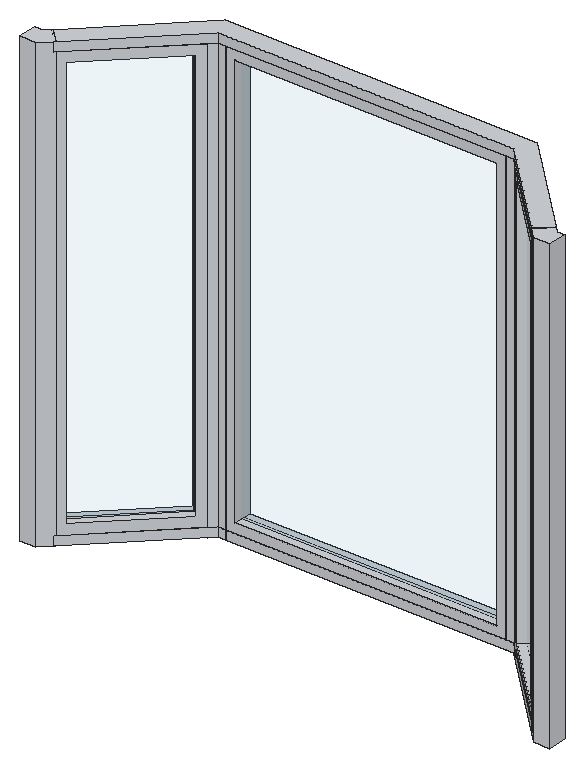
Revit family "W1_鋁窗1", category 窗, Revit 2014
Parameters (values of type "(50+100+50) x 145 cm 2")
  熱阻 (R) = 0.271106 (m²·K)/W
  Visual Light Transmittance = 0.9
  Solar Heat Gain Coefficient = 0.78
  營造類型 Id = "GSP4R"
  Height = 145 cm
  傳熱係數 (U) = 3.6886 W/(m²·K)
  預設窗台高度 = 105 cm
  關鍵註記 = "固定窗-矩形"
  Rough Height = Height  # 145 cm
  Rough Width = Width  # 100 cm
  玻璃材質 = 玻璃
  牆封閉 = 依主體
  Width = 100 cm
  裝飾外框材料 = none
  裝飾外框寬度 = 3 cm
  裝飾外框厚度 = 6 cm
  解析營造 = "1/8 英吋 Pilkington 單層鑲嵌玻璃"
Reference planes (cm)
  plane 1: y = 0
  plane 2 "中心 (左/右)": x = 0
  plane 3 "左": x = -50
  plane 4 "右": x = 50
  plane 5 "窗台": z = 105
  plane 6 "標頭": z = 250
  plane 7 "外部": y = 7.5
  plane 8 "內部": y = -7.5
  plane 9: x = 85
  plane 10: x = -85
  plane 11: through (54.5944, -4.5858, 100) normal (-0.7071, -0.7071, 0)
  plane 12: through (50.0086, 0, 100) normal (0.9239, -0.3827, 0)
  plane 13: through (-54.5944, -4.5858, 100) normal (-0.7071, 0.7071, 0)
  plane 14: through (-50.0086, 0, 100) normal (0.9239, 0.3827, 0)
  plane 15: through (-83.2322, -36.7591, 100) normal (0.7071, 0.7071, 0)
  plane 16: through (85, -34.9914, 100) normal (0.7071, -0.7071, 0)
  plane 17: through (87.1213, -37.1127, 100) normal (0.7071, -0.7071, 0)
  plane 18: through (-85.3536, -38.8805, 100) normal (0.7071, 0.7071, 0)
  plane 19: z = 247
  plane 20: z = 108
  plane 21: z = 177.5
  plane 22: through (54.5944, -4.5858, 85) normal (-0.7071, -0.7071, 0)
  plane 23: through (50.0086, 0, 85) normal (0.9239, -0.3827, 0)
  plane 24: through (-54.5944, -4.5858, 85) normal (-0.7071, 0.7071, 0)
  plane 25: through (-50.0086, 0, 85) normal (0.9239, 0.3827, 0)
  plane 26: through (85, -34.9914, 100) normal (-0.7071, -0.7071, 0)
  plane 27: y = -34.9914
  plane 28: through (-75.4056, -33.8823, 100) normal (0.7071, -0.7071, 0)
  plane 29: through (-79.9914, -38.468, 100) normal (-0.9239, -0.3827, 0)
  plane 30: y = -34.9914
  plane 31: through (-79.7132, -38.1899, 85) normal (0.7071, -0.7071, 0)
  plane 32: through (-84.299, -42.7756, 85) normal (-0.9239, -0.3827, 0)
  plane 33: through (79.7132, -38.1899, 100) normal (0.7071, 0.7071, 0)
  plane 34: through (79.9914, -38.468, 100) normal (-0.9239, 0.3827, 0)
  plane 35: through (79.7132, -38.1899, 85) normal (0.7071, 0.7071, 0)
  plane 36: through (84.299, -42.7756, 85) normal (-0.9239, 0.3827, 0)
Forms (cm)
  Extrusion 1, solid
    sketch origin (0, 0, 0) x (1, 0, 0) y (0, 1, 0)
      loop
        line (45, 0) -> (45, -6) -> (47.5233, -6) -> (49.3076, -7.7843) -> (53.5503, -3.5416) -> (50.0086, 0) -> (45, 0)
    from 247 to 105
  Extrusion 2, solid
    sketch origin (0, 0, 0) x (-1, 0, 0) y (0, -1, 0)
      loop
        line (45, 0) -> (50.0086, 0) -> (53.5503, 3.5416) -> (49.3076, 7.7843) -> (47.5233, 6) -> (45, 6) -> (45, 0)
    from 247 to 105
  Extrusion 3, solid
    sketch origin (0, 0, 0) x (1, 0, 0) y (0, 1, 0)
      loop
        line (-50.0086, 0) -> (-80.9546, -30.946) -> (-76.712, -35.1886) -> (-47.5233, -6) -> (47.5233, -6) -> (76.4497, -34.9264) -> (80.6924, -30.6838) -> (50.0086, 0) -> (-50.0086, 0)
    from 250 to 247
  Extrusion 4, solid
    sketch origin (0, 0, 0) x (1, 0, 0) y (0, 1, 0)
      loop
        line (-50.0086, 0) -> (-80.9546, -30.946) -> (-76.712, -35.1886) -> (-47.5233, -6) -> (47.5233, -6) -> (76.4497, -34.9264) -> (80.6924, -30.6838) -> (50.0086, 0) -> (-50.0086, 0)
    from 108 to 105
  Extrusion 5, solid, not visible
    sketch origin (0, 0, -15) x (1, 0, 0) y (0, 1, 0)
      loop
        line (45, 0) -> (45, -6) -> (47.5233, -6) -> (49.3076, -7.7843) -> (53.5503, -3.5416) -> (50.0086, 0) -> (45, 0)
    from 247 to 105
  Extrusion 6, solid, not visible
    sketch origin (0, 0, -15) x (-1, 0, 0) y (0, -1, 0)
      loop
        line (45, 0) -> (50.0086, 0) -> (53.5503, 3.5416) -> (49.3076, 7.7843) -> (47.5233, 6) -> (45, 6) -> (45, 0)
    from 247 to 105
  Extrusion 7, solid, not visible
    sketch origin (0, 0, -15) x (1, 0, 0) y (0, 1, 0)
      loop
        line (-85, -34.9914) -> (-87.1213, -37.1127) -> (-82.8787, -41.3553) -> (-80.7574, -39.234) -> (-85, -34.9914)
      loop
        line (85, -34.9914) -> (80.7574, -39.234) -> (82.8787, -41.3553) -> (87.1213, -37.1127) -> (85, -34.9914)
    from 247 to 105
  Extrusion 8, solid, not visible
    sketch origin (0, 0, -15) x (1, 0, 0) y (0, 1, 0)
      loop
        line (-50.0086, 0) -> (-87.1213, -37.1127) -> (-82.8787, -41.3553) -> (-47.5233, -6) -> (47.5233, -6) -> (82.8787, -41.3553) -> (87.1213, -37.1127) -> (50.0086, 0) -> (-50.0086, 0)
    from 250 to 247
  Extrusion 9, solid, not visible
    sketch origin (0, 0, -15) x (1, 0, 0) y (0, 1, 0)
      loop
        line (-50.0086, 0) -> (-87.1213, -37.1127) -> (-82.8787, -41.3553) -> (-47.5233, -6) -> (47.5233, -6) -> (82.8787, -41.3553) -> (87.1213, -37.1127) -> (50.0086, 0) -> (-50.0086, 0)
    from 108 to 105
  Extrusion 10, solid
    sketch origin (-134.3076, -42.7756, 0) x (1, 0, 0) y (0, 1, 0)
      loop
        line (49.3076, 4.3076) -> (54.3162, 4.3076) -> (57.8579, 7.8492) -> (53.6152, 12.0919) -> (51.831, 10.3076) -> (49.3076, 10.3076) -> (49.3076, 4.3076)
    from 250 to 105
  Extrusion 11, solid, not visible
    sketch origin (-134.3076, -42.7756, -15) x (1, 0, 0) y (0, 1, 0)
      loop
        line (45, 0) -> (50.0086, 0) -> (53.5503, 3.5416) -> (49.3076, 7.7843) -> (47.5233, 6) -> (45, 6) -> (45, 0)
    from 250 to 105
  Extrusion 12, solid
    sketch origin (134.3076, -42.7756, 0) x (-1, 0, 0) y (0, -1, 0)
      loop
        line (49.3076, -4.3076) -> (49.3076, -10.3076) -> (51.831, -10.3076) -> (53.6152, -12.0919) -> (57.8579, -7.8492) -> (54.3162, -4.3076) -> (49.3076, -4.3076)
    from 250 to 105
  Extrusion 13, solid, not visible
    sketch origin (134.3076, -42.7756, -15) x (-1, 0, 0) y (0, -1, 0)
      loop
        line (45, 0) -> (45, -6) -> (47.5233, -6) -> (49.3076, -7.7843) -> (53.5503, -3.5416) -> (50.0086, 0) -> (45, 0)
    from 250 to 105
Lines and regions (cm)
  Opening 1
    outline origin (350, -7.5, 0) x (1, 0, 0) y (0, 0, 1)
      loop
        line (-300, 105) -> (-300, 250) -> (-400, 250) -> (-400, 105) -> (-300, 105)
  Opening 2, not visible
    outline origin (-500, 7.5, 0) x (-1, 0, 0) y (0, 0, 1)
      loop
        line (-550, 90) -> (-450, 90) -> (-450, 235) -> (-550, 235) -> (-550, 90)
  symbolic lines
    curve 1: line (85, -26.3762, 0) -> (107.7629, -3.6133, 0)
    curve 2: line (-85, -26.9006, 0) -> (-108.2874, -3.6133, 0)
    curve 3: line (-82.8787, -24.7793, 0) -> (-106.1661, -1.4919, 0)
    curve 4: line (78.5711, -28.5624, 0) -> (105.6416, -1.4919, 0)
    curve 5: line (-106.1661, -1.4919, 0) -> (-108.2874, -3.6133, 0)
    curve 6: line (105.6416, -1.4919, 0) -> (107.7629, -3.6133, 0)
    curve 7: arc (57.1766, -7.1679, 0) -> (80.423, 4.0898, 0) -> (105.6416, -1.4919, 0) r 39.3483
    curve 8: arc (-60.8934, -3.5416, 0) -> (-83.2078, 4.594, 0) -> (-106.1661, -1.4919, 0) r 39.6259
  model lines
    curve 9: line (53.5503, -3.5416, 247) -> (80.7417, -30.7331, 177.6262)
    curve 10: line (80.7417, -30.7331, 177.6262) -> (53.5503, -3.5416, 108)
    curve 11: line (-53.5503, -3.5416, 247) -> (-80.9546, -30.946, 177.5)
    curve 12: line (-80.9546, -30.946, 177.5) -> (-53.5503, -3.5416, 108)
  model lines, not visible
    curve 13: line (53.5503, -3.5416, 232) -> (85, -34.9914, 162.5)
    curve 14: line (85, -34.9914, 162.5) -> (53.5503, -3.5416, 93)
    curve 15: line (-53.5503, -3.5416, 232) -> (-85, -34.9914, 162.5)
    curve 16: line (-85, -34.9914, 162.5) -> (-53.5503, -3.5416, 93)
Text (cm)
  text "外部" at (-196.3203, 133.2353, 0), in view "參考樓層"
  text "內部" at (-198.1466, -81.8386, 0), in view "參考樓層"
  text "外部" at (0, 92.3751, 294.3296), in view "右"
  text "外部" at (0, 104.0484, 268.5409), in view "左"
Dimensions and locks (cm)
  equal spacing: plane 3 "左", plane 2 "中心 (左/右)", plane 4 "右"
  "Width": plane 3 "左" to plane 4 "右"
  "Height": plane 5 "窗台" to plane 6 "標頭"
  "預設窗台高度": plane 5 "窗台" to level
  locked: plane 7 "外部" to host wall at 0
  locked: plane 8 "內部" to host wall
  plane 5 "窗台" to plane 20 = 3 cm
  plane 19 to plane 6 "標頭" = 3 cm
  equal spacing: plane 20, plane 21, plane 19
  aligned and locked: plane 1 to nested 1
  aligned and locked: nested 1 to Extrusion 2
  aligned and locked: nested 2 to curve 4
  aligned and locked: nested 3 to curve 3
  aligned and locked: nested 2 to curve 1
  aligned and locked: nested 3 to curve 2
  aligned and locked: plane 19 to nested 1  (x2)
  aligned and locked: plane 19 to nested 2  (x2)
  aligned and locked: plane 20 to nested 2
  aligned and locked: nested 3 to plane 19
Automatic sketch dimensions
  Opening 1 sketch curve to Opening 1 sketch curve = 100 cm
  Opening 1 sketch curve to Opening 1 sketch curve = 145 cm
  host wall to curve 2 = 3.6133 cm
  host wall to curve 1 = 3.6133 cm
  curve 2 to plane 10 = 0 cm
  curve 8 to plane 10 = 0 cm
  plane 26 to curve 7 = 0 cm
  plane 26 to curve 4 = 0 cm
  curve 7 to plane 9 = 0 cm
  curve 1 to plane 9 = 0 cm
  plane 16 to curve 7 = 0 cm
  curve 8 to plane 15 = 0 cm
  curve 3 to plane 10 = 2.1213 cm
  host wall to curve 8 = 3.5416 cm
  plane 12 to Extrusion 1 sketch curve = 0 cm  (x2)
  plane 11 to Extrusion 1 sketch curve = 0 cm  (x2)
  plane 12 to Extrusion 1 sketch curve = 2.3313 cm
  plane 11 to Extrusion 1 sketch curve = 6 cm
  Extrusion 1 sketch curve to Extrusion 1 sketch curve = 5.0086 cm
  plane 14 to Extrusion 2 sketch curve = 0 cm
  plane 13 to Extrusion 2 sketch curve = 0 cm  (x2)
  Extrusion 2 sketch curve to plane 14 = 0 cm
  Extrusion 2 sketch curve to plane 14 = 2.3313 cm
  Extrusion 2 sketch curve to plane 13 = 6 cm
  Extrusion 2 sketch curve to Extrusion 2 sketch curve = 5.0086 cm
  Extrusion 3 sketch curve to plane 27 = 4.0454 cm
  plane 27 to Extrusion 3 sketch curve = 0.1973 cm
  Extrusion 3 sketch curve to plane 27 = 34.9914 cm
  Extrusion 3 sketch curve to plane 27 = 28.9914 cm
  Extrusion 3 sketch curve to plane 27 = 0.065 cm
  Extrusion 3 sketch curve to plane 27 = 4.3076 cm
  Extrusion 3 sketch curve to Extrusion 3 sketch curve = 4.2426 cm
  Extrusion 3 sketch curve to Extrusion 3 sketch curve = 95.0467 cm
  Extrusion 3 sketch curve to Extrusion 3 sketch curve = 2.4853 cm
  Extrusion 4 sketch curve to plane 27 = 4.0454 cm
  plane 27 to Extrusion 4 sketch curve = 0.1973 cm
  Extrusion 4 sketch curve to plane 27 = 34.9914 cm
  Extrusion 4 sketch curve to plane 27 = 28.9914 cm
  Extrusion 4 sketch curve to plane 27 = 0.065 cm
  Extrusion 4 sketch curve to plane 27 = 4.3076 cm
  Extrusion 4 sketch curve to Extrusion 4 sketch curve = 4.2426 cm
  Extrusion 4 sketch curve to Extrusion 4 sketch curve = 95.0467 cm
  Extrusion 4 sketch curve to Extrusion 4 sketch curve = 2.4853 cm
  curve 10 to curve 9 = 79.5396 cm  (x2)
  curve 9 to curve 9 = 79.3188 cm  (x2)
  curve 12 to curve 11 = 79.5754 cm
  curve 11 to curve 11 = 79.5754 cm  (x2)
  curve 11 to curve 12 = 79.5754 cm
  Extrusion 10 sketch curve to plane 29 = 0 cm  (x2)
  plane 27 to Extrusion 10 sketch curve = 4.3076 cm
  Extrusion 10 sketch curve to plane 28 = 0 cm  (x2)
  plane 27 to Extrusion 10 sketch curve = 2.5233 cm
  Extrusion 10 sketch curve to Extrusion 10 sketch curve = 5.0086 cm
  Extrusion 12 sketch curve to plane 34 = 0 cm  (x2)
  Extrusion 12 sketch curve to plane 27 = 4.3076 cm
  Extrusion 12 sketch curve to plane 33 = 0 cm  (x2)
  Extrusion 12 sketch curve to plane 27 = 2.5233 cm
  Extrusion 12 sketch curve to Extrusion 12 sketch curve = 5.0086 cm
  Opening 2 sketch curve to Opening 2 sketch curve = 100 cm
  Opening 2 sketch curve to Opening 2 sketch curve = 145 cm
  plane 23 to Extrusion 5 sketch curve = 0 cm  (x2)
  plane 22 to Extrusion 5 sketch curve = 0 cm  (x2)
  plane 23 to Extrusion 5 sketch curve = 2.3313 cm
  plane 22 to Extrusion 5 sketch curve = 6 cm
  Extrusion 5 sketch curve to Extrusion 5 sketch curve = 5.0086 cm
  plane 25 to Extrusion 6 sketch curve = 0 cm
  plane 24 to Extrusion 6 sketch curve = 0 cm  (x2)
  Extrusion 6 sketch curve to plane 25 = 0 cm
  Extrusion 6 sketch curve to plane 25 = 2.3313 cm
  Extrusion 6 sketch curve to plane 24 = 6 cm
  Extrusion 6 sketch curve to Extrusion 6 sketch curve = 5.0086 cm
  plane 30 to Extrusion 7 sketch curve = 0 cm  (x2)
  plane 30 to Extrusion 7 sketch curve = 2.1213 cm
  plane 30 to Extrusion 7 sketch curve = 6.364 cm  (x2)
  plane 30 to Extrusion 7 sketch curve = 4.2426 cm
  Extrusion 7 sketch curve to Extrusion 7 sketch curve = 2.1213 cm  (x2)
  Extrusion 7 sketch curve to Extrusion 7 sketch curve = 161.5147 cm
  plane 30 to Extrusion 8 sketch curve = 2.1213 cm  (x2)
  plane 30 to Extrusion 8 sketch curve = 6.364 cm  (x2)
  Extrusion 8 sketch curve to plane 30 = 34.9914 cm
  Extrusion 8 sketch curve to plane 30 = 28.9914 cm
  Extrusion 8 sketch curve to Extrusion 8 sketch curve = 4.2426 cm
  Extrusion 8 sketch curve to Extrusion 8 sketch curve = 95.0467 cm
  Extrusion 8 sketch curve to Extrusion 8 sketch curve = 2.4853 cm
  plane 30 to Extrusion 9 sketch curve = 2.1213 cm  (x2)
  plane 30 to Extrusion 9 sketch curve = 6.364 cm  (x2)
  Extrusion 9 sketch curve to plane 30 = 34.9914 cm
  Extrusion 9 sketch curve to plane 30 = 28.9914 cm
  Extrusion 9 sketch curve to Extrusion 9 sketch curve = 4.2426 cm
  Extrusion 9 sketch curve to Extrusion 9 sketch curve = 95.0467 cm
  Extrusion 9 sketch curve to Extrusion 9 sketch curve = 2.4853 cm
  curve 14 to curve 13 = 44.4767 cm
  curve 13 to curve 13 = 44.4767 cm
  curve 14 to curve 13 = 69.5 cm
  curve 13 to curve 13 = 69.5 cm
  curve 16 to curve 15 = 44.4767 cm
  curve 15 to curve 15 = 44.4767 cm
  curve 15 to curve 15 = 69.5 cm
  curve 15 to curve 16 = 69.5 cm
  Extrusion 11 sketch curve to plane 32 = 0 cm  (x2)
  plane 30 to Extrusion 11 sketch curve = 0 cm
  Extrusion 11 sketch curve to plane 31 = 0 cm  (x2)
  Extrusion 11 sketch curve to plane 30 = 1.7843 cm
  Extrusion 11 sketch curve to Extrusion 11 sketch curve = 5.0086 cm
  Extrusion 13 sketch curve to Extrusion 13 sketch curve = 2.5233 cm
  Extrusion 13 sketch curve to Extrusion 13 sketch curve = 1.7843 cm  (x2)
  Extrusion 13 sketch curve to Extrusion 13 sketch curve = 5.0086 cm
  Extrusion 13 sketch curve to Extrusion 13 sketch curve = 3.5416 cm
  plane 3 "左" to Opening 1 sketch curve = 0 cm
  Opening 1 sketch curve to plane 5 "窗台" = 0 cm
  plane 18 to Extrusion 3 sketch curve = 8.721 cm
  plane 18 to Extrusion 4 sketch curve = 8.721 cm
  curve 10 to plane 20 = 0 cm
  curve 9 to plane 19 = 0 cm
  plane 21 to curve 10 = 0.1262 cm
  curve 10 to plane 16 = 44.4767 cm
  curve 9 to plane 16 = 44.4767 cm
  curve 10 to plane 16 = 6.0222 cm
  curve 12 to plane 20 = 0 cm
  curve 11 to plane 19 = 0 cm
  curve 11 to plane 21 = 0 cm
  plane 15 to curve 12 = 44.4767 cm
  plane 15 to curve 11 = 44.4767 cm
  plane 15 to curve 12 = 5.721 cm
Nested families (cm)
  nested 1: "窗框" at (-26.7428, 91.9367, 8), type "窗框"
    with Height 139 cm, Width 90 cm, 裝飾外框寬度 3 cm
  nested 2: "窗框" at (113.4765, 66.5502, 8) x (0.7071, -0.7071, 0) z (0, 0, 1), type "窗框"
    with Height 139 cm, Width 37.6604 cm, 裝飾外框寬度 3 cm
  nested 3: "窗框" at (-113.3515, 66.6752, 8) x (-0.7071, -0.7071, 0) z (0, 0, 1), type "窗框"
    with Height 139 cm, Width 38.7556 cm, 裝飾外框寬度 3 cm
  nested 4: "窗框" at (-26.7428, 91.9367, -7), type "窗框", not visible
    with Height 139 cm, Width 90 cm, 裝飾外框寬度 3 cm
  nested 5: "窗框" at (115.3742, 64.6526, -7) x (0.7071, -0.7071, 0) z (0, 0, 1), type "窗框", not visible
    with Height 139 cm, Width 44.4767 cm, 裝飾外框寬度 3 cm
  nested 6: "窗框" at (-115.3742, 64.6526, -7) x (-0.7071, -0.7071, 0) z (0, 0, 1), type "窗框", not visible
    with Height 139 cm, Width 44.4767 cm, 裝飾外框寬度 3 cm
Definition of nested family "窗框"
  Parameters (values of type "窗框")
    Height [instance] = 50 cm
    護桿寬度 = 2 cm
    護桿厚度 = 1 cm
    Analytic Construction = "<無>"
    Rough Height = 50 cm
    Rough Width = 60 cm
    Width [instance] = 60 cm
    裝飾外框材料 = none
    玻璃材質 = 玻璃
    玻璃厚度 = 1 cm
    裝飾外框寬度 = 6 cm
    裝飾外框厚度 = 6 cm
    Assembly Code = ""
  Reference planes (cm)
    plane 1 "中心 (前/後)": y = -91.9367
    plane 2: z = 0
    plane 3 "中心 (左/右)": x = 26.7428
    plane 4 "玻璃-上": y = -94.4367
    plane 5 "玻璃-下": y = -95.4367
    plane 6: y = -97.9367
    plane 7: x = -3.2572
    plane 8: x = 56.7428
    plane 9: x = 2.7428
    plane 10: x = 50.7428
    plane 11: z = 144
    plane 12: z = 150
    plane 13: z = 106
    plane 14: z = 100
    plane 15: y = -94.9367
  Forms (cm)
    Extrusion 1, solid, material "玻璃" <- "玻璃材質"
      sketch origin (-149.9274, -94.9367, 120) x (-1, 0, 0) y (0, 0, 1)
        loop
          line (-152.6702, 24) -> (-200.6702, 24) -> (-200.6702, -14) -> (-152.6702, -14) -> (-152.6702, 24)
      from -0.5 to 0.5
    Extrusion 2, solid, material <- "裝飾外框材料"
      sketch origin (-149.9274, -94.9367, 120) x (-1, 0, 0) y (0, 0, 1)
        loop
          line (-146.6702, 30) -> (-206.6702, 30) -> (-206.6702, -20) -> (-146.6702, -20) -> (-146.6702, 30)
        loop
          line (-152.6702, 24) -> (-200.6702, 24) -> (-200.6702, -14) -> (-152.6702, -14) -> (-152.6702, 24)
      from -3 to 3
  Dimensions and locks (cm)
    equal spacing: plane 10, plane 3 "中心 (左/右)", plane 9
    "裝飾外框寬度": plane 8 to plane 10
    "裝飾外框寬度": plane 9 to plane 7
    "裝飾外框寬度": plane 12 to plane 11
    "Width": plane 8 to plane 7
    "裝飾外框寬度": plane 13 to plane 14
    "Height": plane 12 to plane 14
    plane 14 to level = 100 cm
    equal spacing: plane 4 "玻璃-上", plane 15, plane 5 "玻璃-下"
    "玻璃厚度": plane 4 "玻璃-上" to plane 5 "玻璃-下"
    equal spacing: plane 6, plane 15, plane 1 "中心 (前/後)"
    "裝飾外框厚度": plane 6 to plane 1 "中心 (前/後)"
    aligned and locked: Extrusion 1 sketch curve to plane 11
    aligned and locked: plane 9 to Extrusion 1 sketch curve
    aligned and locked: Extrusion 1 sketch curve to plane 10
    aligned and locked: plane 13 to Extrusion 1 sketch curve
    aligned and locked: plane 7 to Extrusion 2 sketch curve
    aligned and locked: Extrusion 2 sketch curve to plane 12
    aligned and locked: Extrusion 2 sketch curve to plane 8
    aligned and locked: plane 9 to Extrusion 2 sketch curve
    aligned and locked: plane 13 to Extrusion 2 sketch curve
    aligned and locked: Extrusion 2 sketch curve to plane 10
    aligned and locked: Extrusion 2 sketch curve to plane 11
    aligned and locked: Extrusion 2 sketch curve to plane 14
    aligned and locked: plane 2 to level
    aligned and locked: plane 6 to Extrusion 2
    aligned and locked: plane 1 "中心 (前/後)" to Extrusion 2
    aligned and locked: plane 5 "玻璃-下" to Extrusion 1
    aligned and locked: plane 4 "玻璃-上" to Extrusion 1
